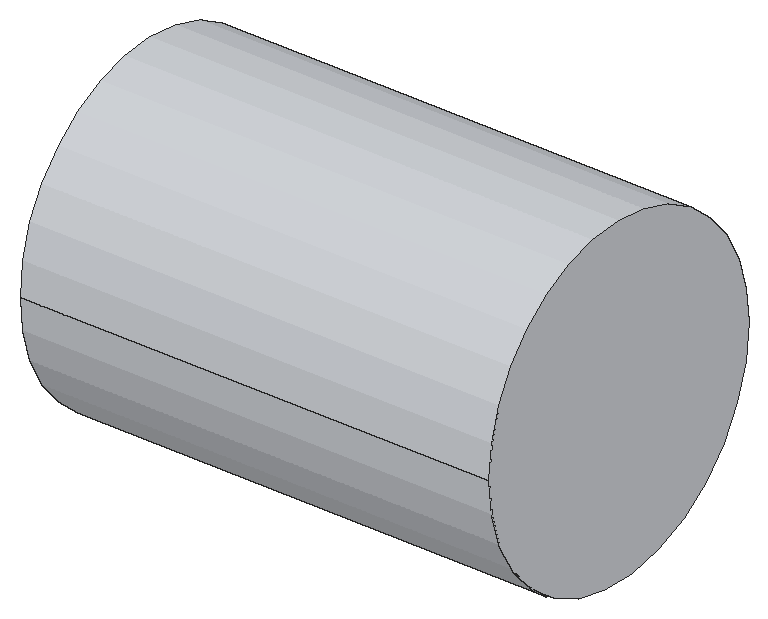
Revit family "127d1f29e96044ef8f7e28bd235ac72f", category Conduit Fittings, Revit 2021
Family settings
  Round Connector Dimension = Use Radius
  Part Type = Union
  OmniClass Number = 23.80.30.17.11
  OmniClass Title = Conduits
  Seek Item ID = Conduit Coupling - Aluminum-0000-USA-ENU
  Work Plane-Based = No
  Always vertical = Yes
  Cut with Voids When Loaded = No
  Shared = No
Parameters (values of type "Standard")
  Nominal Radius [instance] = 1/4"
  Nominal Diameter [instance] = Nominal Radius * 2  # 1/2"
  Length [instance] = size_lookup(Conduit Size Lookup, "Lgt", 0.48 * Nominal Diameter + 1 15/32", Nominal Diameter)  # 1.56"
  Fitting Outside Radius [instance] = Fitting Outside Diameter / 2  # 0.54"
  Fitting Outside Diameter [instance] = size_lookup(Conduit Size Lookup, "FOD", 1.15 * Nominal Diameter + 59/128", Nominal Diameter)  # 1.08"
  Default Elevation = 0' - 0"
  Conduit Size Lookup = "Conduit Coupling - Aluminum"
Reference planes (in)
  plane 1 "Center (Front/Back)": y = 0
  plane 2: z = 0
  plane 3 "Center (Left/Right)": x = 0
  plane 4: x = 1.56
Forms (in)
  Extrusion 1, solid, detail levels fine
    sketch origin (0, 0, 0) x (0, 1, 0) y (0, 0, 1)
      loop
        circle (0, 0) r 0.54
    from 0 to 1.56
Lines and regions (in)
  model lines, detail levels coarse+medium
    curve 1: line (0, 0, 0) -> (1.56, 0, 0)
Dimensions and locks (in)
  "Length": plane 3 "Center (Left/Right)" to plane 4
  "Fitting Outside Radius": radius of Extrusion 1 sketch curve
  aligned and locked: plane 3 "Center (Left/Right)" to curve 1
  aligned and locked: plane 4 to curve 1
  aligned and locked: plane 1 "Center (Front/Back)" to curve 1
  aligned and locked: plane 1 "Center (Front/Back)" to Extrusion 1 sketch curve
  aligned and locked: plane 2 to Extrusion 1 sketch curve
  aligned and locked: Extrusion 1 to plane 3 "Center (Left/Right)"
  aligned and locked: plane 4 to Extrusion 1
Connectors (in)
  cabletrayconduit at (0, 0, 0), diameter 0.5, driven by "Nominal Radius"
    settings: on Extrusion 1, index 1, connector width 1' - 0", connector height 1' - 0", connector angle 0.00°, system type 32, placement type 0, profile type 0, connector reference index 2, is primary connector yes, connector utility param no, connector description ""
  cabletrayconduit at (1.56, 0, 0), diameter 0.5, driven by "Nominal Radius"
    settings: on Extrusion 1, index 2, connector width 1' - 0", connector height 1' - 0", connector angle 0.00°, system type 32, placement type 0, profile type 0, connector reference index 1, is primary connector no, connector utility param no, connector description ""
